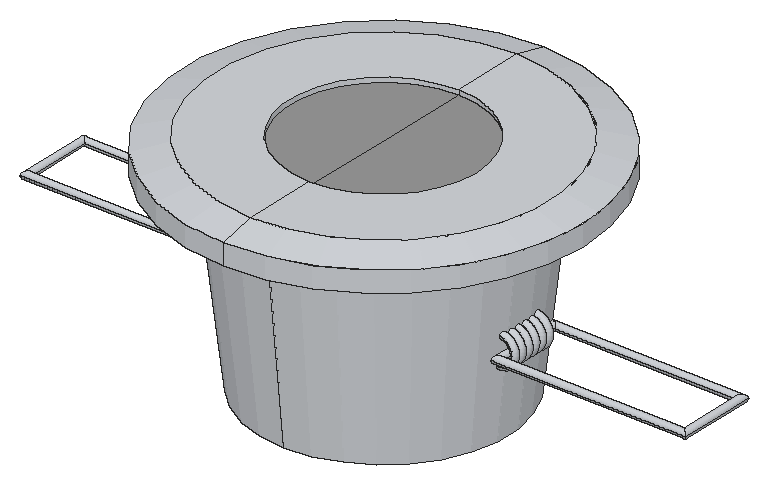
Revit family "0005364-2700K", category Lighting Fixtures, host Face, Revit 2018
Family settings
  Host = Face
  Round Connector Dimension = Use Diameter
  Part Type = Normal
  OmniClass Number = 23.80.70.00
  OmniClass Title = Lighting
  Cut with Voids When Loaded = No
  Light Source = Yes
  Shared = No
  Room Calculation Point = No
Parameters (values of type "0005364 OBICO 68 IP65 530LM 3CCT DIM ADJ BLK")
  Weight = "n/a"
  Wattage Comments = ""
  Wattage = 159.577 W
  WarrantyStartDate [instance] = "n/a"
  WarrantyGuarantorParts = "n/a"
  WarrantyDurationUnit = "n/a"
  WarrantyDurationParts = ""
  WarrantyDescription = "http://www.sylvania-lighting.com"
  built-in parameter 1150110 = 1 (stored number, unit not read)
  Voltage = 0 V
  URL = "0.8"
  TypeName = "OBICO 68 IP65 530lm 3CCT DIM ADJ BLACK"
  Type Image = <None>
  Type Comments = "n/a"
  built-in parameter 1114217 = 1 (stored number, unit not read)
  Tilt Angle = -90.00°
  built-in parameter 1150109 = 1 (stored number, unit not read)
  built-in parameter 1150134 = 12
  built-in parameter 1150113 = 1 (stored number, unit not read)
  SerialNumber [instance] = "n/a"
  Photometric Web File = "0005364-2700K.ies"
  Material_3_SYL = none
  PowerFactor = 0.9
  PowerConsumption = "Lighting"
  NominalLength = 117 mm
  NominalHeight = 54 mm
  NominalDepth = 96 mm
  Name = "OBICO 68 IP65 530lm 3CCT DIM ADJ BLACK"
  ModelReference = Name  # "OBICO 68 IP65 530lm 3CCT DIM ADJ BLACK"
  ModelNumber = "0005364"
  Model = Name  # "OBICO 68 IP65 530lm 3CCT DIM ADJ BLACK"
  Material = "Feilo Sylvania"
  ManufacturerName = "98 lm/W"
  Manufacturer = ""
  LuminousEfficacy = ""
  built-in parameter 1150105 = 21445.9 (stored number, unit not read)
  Lumens = 13404.5 lm
  LuminaireType = "0"
  built-in parameter 1150115 = 1 (stored number, unit not read)
  LightOutputRatio = "LED"
  built-in parameter 1150137 = (empty or 0)
  built-in parameter 1150139 = (empty or 0)
  LampsType = Lamp  # "n/a"
  LampNominalLuminous = "3000 K"
  LampMacAdamStep = "90"
  LampColourTemperature = "LED"
  LampColourRenderingIndex = "16500"
  built-in parameter 1150112 = 1 (stored number, unit not read)
  built-in parameter 1150114 = 1 (stored number, unit not read)
  Lamp = "n/a"
  Keynote = "n/a"
  InstallationDate [instance] = "n/a"
  InputVoltage = "0"
  InputNominalFrequency = "3000"
  built-in parameter 1150132 = (empty or 0)
  built-in parameter 1150102 = (empty or 0)
  built-in parameter 1150107 = 4000 (stored number, unit not read)
  built-in parameter 1150138 = (empty or 0)
  IngressProtection = "IfcLightFixtureType"
  ImpactProtectionIndex = "IfcLightFixtureType"
  built-in parameter 1150106 = 214.46 (stored number, unit not read)
  IfcExportType = "IfcLightFixtureType"
  IfcExportAs = "Class II"
  Emit from Circle Diameter = 609.6 mm
  Emit Shape Visible in Rendering = no
  ElectricShockClassification = "98"
  built-in parameter 1150104 = 7.8039 (stored number, unit not read)
  DocumentationLiterature = "http://www.sylvania-lighting.com/product/en-int/products/0005364"
  DimmingControlOptions = "n/a"
  Material_2_SYL = none
  Dimming Lamp Color Temperature Shift = <None>
  Description = "OBICO 68 IP65 530lm 3CCT DIM ADJ BLACK"
  Default Elevation = 1219.2 mm
  CreatedOn = "27/07/2022"
  CreatedBy = "@sylvania-lighting.com"
  Cost = 0
  Color Filter = 16777215
  built-in parameter 1114216 [instance] = (empty or 0)
  ClassificationValue = "EF_70_80"
  ClassificationName = "Uniclass2015"
  Material_1_SYL = Default
  BarCode [instance] = "n/a"
  built-in parameter 1114218 = 1 (stored number, unit not read)
  built-in parameter 1150133 = 10 (stored number, unit not read)
  AssetType = "Fixed"
  AssetIdentifier [instance] = "n/a"
  Assembly Code = "D5020200"
  Apparent Load = 5.4 VA
  Material_4_SYL = none
Reference planes
  plane 1 "Center (Front/Back)": y = 0
  plane 2: z = 0
  plane 3 "Center (Left/Right)": x = 0
  plane 4: y = -48
  plane 5: y = 48
  plane 6: z = 7
  plane 7: z = -4
  plane 8: z = -47
  plane 9: y = 40
  plane 10: y = -40
  plane 11: y = 30
  plane 12: y = -30
  plane 13: y = -35
  plane 14: y = 35
  plane 15: z = 5
  plane 16: y = 22.5
  plane 17: z = 6
Forms (mm)
  Revolve 1, solid, detail levels medium+fine
    sketch origin (0.25, 1524, 1219.2) x (0, 1, 0) y (0, 0, 1)
      loop
        line (-1524, -1214.2) -> (-1524, -1266.2) -> (-1494, -1266.2) -> (-1489, -1223.2) -> (-1489, -1219.2) -> (-1476, -1219.2) -> (-1476, -1214.2) -> (-1484, -1212.2) -> (-1501.5, -1212.2) -> (-1501.5, -1214.2) -> (-1524, -1214.2)
      axis (-1524, -1266.2) -> (-1524, -1212.2)
    angle from 360 to 0
  Revolve 2, solid, material "Glass, White, High Luminance"
    sketch origin (0.25, 1524, 1219.2) x (0, 1, 0) y (0, 0, 1)
      loop
        line (-1501.5, -1213.2) -> (-1524, -1213.2) -> (-1524, -1214.2) -> (-1501.5, -1214.2) -> (-1501.5, -1213.2)
      axis (-1524, -1214.2) -> (-1524, -1213.2)
    angle from 360 to 0
  Sweep 3, solid, detail levels fine
    path origin (-4.117, 0.46, 7.176) x (1, 0, 0) y (0, 1, 0)
      loop
        line (-75, 8.5) -> (-75, -8.5) -> (-30, -8.5) -> (-30, 8.5) -> (-75, 8.5)
    profile origin (-56.617, 8.96, 7.176) x (0, 1, 0) y (0, 0, 1)
      loop
        circle (0, -33.041) r 0.899
  Revolve 4, solid, detail levels fine
    sketch origin (-32.259, 1523.987, 1226.512) x (0, 1, 0) y (0, 0, 1)
      loop
        circle (-1518.723, -1248.745) r 0.801
      loop
        circle (-1520.733, -1248.823) r 0.801
      loop
        circle (-1522.743, -1248.823) r 0.801
      loop
        circle (-1524.772, -1248.823) r 0.801
      loop
        circle (-1526.817, -1248.823) r 0.801
      loop
        circle (-1528.846, -1248.823) r 0.801
      axis (-1529.647, -1252.2) -> (-1517.923, -1252.2)
    angle from -29.09 to 193.564
  Sweep 5, solid, detail levels fine
    path origin (4.117, 0.46, 7.176) x (-1, 0, 0) y (0, -1, 0)
      loop
        line (-75, -8.5) -> (-30, -8.5) -> (-30, 8.5) -> (-75, 8.5) -> (-75, -8.5)
    profile origin (56.617, 8.96, 7.176) x (0, -1, 0) y (0, 0, 1)
      loop
        circle (0, -33.041) r 0.899
  Revolve 6, solid, detail levels fine
    sketch origin (32.259, 1523.987, 1226.512) x (0, 1, 0) y (0, 0, -1)
      loop
        circle (-1518.723, 1248.745) r 0.801
      loop
        circle (-1520.733, 1248.823) r 0.801
      loop
        circle (-1522.743, 1248.823) r 0.801
      loop
        circle (-1524.772, 1248.823) r 0.801
      loop
        circle (-1526.817, 1248.823) r 0.801
      loop
        circle (-1528.846, 1248.823) r 0.801
      axis (-1529.647, 1252.2) -> (-1517.923, 1252.2)
    angle from -29.09 to 193.564
  Extrusion 7, solid, detail levels coarse
    sketch origin (1524, -324.9, 1219.2) x (1, 0, 0) y (0, 0, 1)
      loop
        line (-1443.848, -1212.2) -> (-1604.204, -1212.2) -> (-1604.204, -1266.2) -> (-1443.848, -1266.2) -> (-1443.848, -1212.2)
    from -372.9 to -276.9
Dimensions and locks
  aligned and locked: plane 2 to host face
  aligned and locked: level to host face
  aligned and locked: Revolve 2 sketch curve to plane 17
  aligned and locked: Revolve 2 sketch curve to plane 16
  aligned and locked: Revolve 2 sketch curve to Revolve 1
  aligned and locked: plane 1 "Center (Front/Back)" to Revolve 2 sketch curve
Connectors
  electrical at (0.25, -30, -47)
    settings: on Revolve 1, index 1, voltage 0 V, apparent load 0 VA, apparent load phase1 0 VA, apparent load phase2 0 VA, apparent load phase3 0 VA, power factor 1, load classification "Other", number of poles 1, system type 31, power factor state 1, is connector primary yes, connector utility no, sub classification motor no, connector description ""
